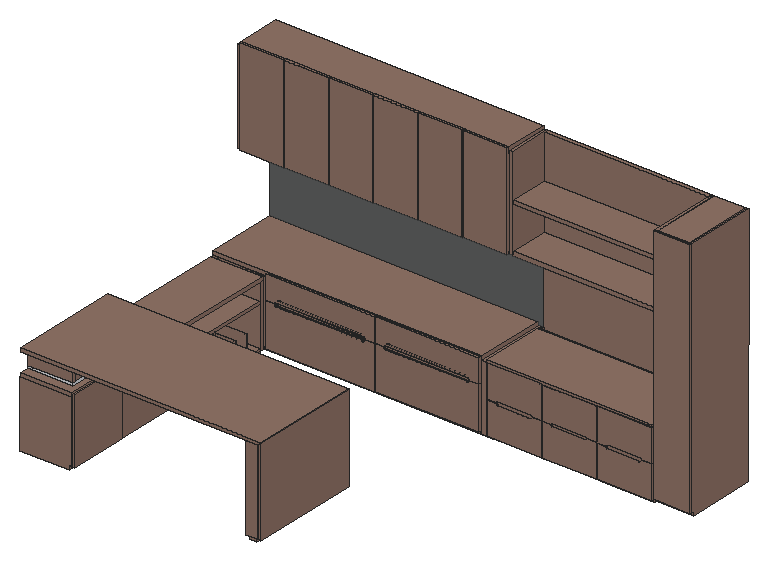
Revit family "T100020", category Furniture, Revit 2022 (continued)
Definition of nested family "OFS ELEMENT OPEN L DESK LEFT AND RIGHT 84in Width 60in Return"
  Reference planes (in)
    plane 11: x = -40.8125
    plane 12: y = 12.84375
    plane 13: y = 11.65625
    plane 14: y = 3.65625
    plane 15: z = 40.5
    plane 16: z = 28.5
    plane 17: z = 43.875
    plane 18: z = 39.375
    plane 19: z = 0
    plane 20: x = 39.375
    plane 21: x = 2.625
    plane 22: x = 35.5
    plane 23: z = 6.5
    plane 24: z = 34
    plane 25: y = 12.96875
    plane 26: y = -77.15625
    plane 27: x = -20
    plane 28: x = 20
    plane 29: y = -75.96875
    plane 30: x = -37
    plane 31: x = 37
    plane 32: y = -47.15625
    plane 33: x = 6.5
    plane 34: y = -18.34375
    plane 35: y = -75.21875
    plane 36: x = -40.0625
    plane 37: y = -19.09375
    plane 38: x = -28.0625
    plane 39: z = 34.125
    plane 40: z = 39.75
    plane 41: z = 34.875
    plane 42: y = -61.5625
    plane 43: y = -32.75
    plane 44: x = -28.8125
    plane 45: x = 20
    plane 46: x = 37
    plane 47: y = -19.09375
    plane 48: x = 28.0625
    plane 49: y = -61.5625
    plane 50: y = -32.75
    plane 51: x = 28.8125
    plane 52: x = -39.375
    plane 53: x = -2.625
    plane 54: x = -35.5
    plane 55: x = -6.5
  Forms (in)
    Extrusion 1, solid, material <- "Chassis Material", visible <- "Left Return Desk Option"
      sketch origin (0, 0, 0) x (1, 0, 0) y (0, 1, 0)
        loop
          line (42, 12.84375) -> (0, 12.84375) -> (0, 11.65625) -> (40.8125, 11.65625) -> (40.8125, -17.15625) -> (42, -17.15625) -> (42, 12.84375)
      from 0 to 40.5
    Extrusion 2, solid, material <- "Chassis Material", visible <- "Left Return Desk Option"
      sketch origin (0, 0, 6) x (1, 0, 0) y (0, 1, 0)
        loop
          line (0, 11.65625) -> (0, 3.65625) -> (40.8125, 3.65625) -> (40.8125, 11.65625) -> (0, 11.65625)
      from 33.375 to 34.5
    Extrusion 3, solid, material <- "Transaction Shelf Material", visible <- "Left Return Desk Option"
      sketch origin (0, 0, 6) x (1, 0, 0) y (0, 1, 0)
        loop
          line (0, 17.15625) -> (0, 3.65625) -> (42, 3.65625) -> (42, 17.15625) -> (0, 17.15625)
      from 37.875 to 39
    Extrusion 4, solid, material <- "Standoffs Material", visible <- "Left Return Desk Option"
      sketch origin (44.5, 0, 0) x (1, 0, 0) y (0, 1, 0)
        loop
          circle (-41.875, 10.04085) r 0.625
      from 40.5 to 43.875
    Extrusion 5, solid, material <- "Standoffs Material", visible <- "Left Return Desk Option"
      sketch origin (44.5, -4.75, 0) x (1, 0, 0) y (0, 1, 0)
        loop
          circle (-41.875, 10.04085) r 0.625
      from 40.5 to 43.875
    Extrusion 6, solid, material <- "Standoffs Material", visible <- "Left Return Desk Option"
      sketch origin (66.75, 0, 0) x (1, 0, 0) y (0, 1, 0)
        loop
          circle (-27.375, 10.04085) r 0.625
      from 40.5 to 43.875
    Extrusion 7, solid, material <- "Standoffs Material", visible <- "Left Return Desk Option"
      sketch origin (66.75, -4.75, 0) x (1, 0, 0) y (0, 1, 0)
        loop
          circle (-27.375, 10.04085) r 0.625
      from 40.5 to 43.875
    Extrusion 8, solid, material <- "Chassis Material", visible <- "Left Return Desk Option"
      sketch origin (0, 0, 0) x (1, 0, 0) y (0, 1, 0)
        loop
          line (-42, -17.15625) -> (-42, -77.15625) -> (-20, -77.15625) -> (-20, -75.96875) -> (-40.8125, -75.96875) -> (-40.8125, -18.34375) -> (-20, -18.34375) -> (-20, -17.15625) -> (-42, -17.15625)
      from 0 to 40.5
    Extrusion 9, solid, material <- "Worksurface Material", visible <- "Left Return Desk Option"
      sketch origin (14.83926, -32.43958, 0) x (1, 0, 0) y (0, 1, 0)
        loop
          line (-55.65176, 14.09583) -> (-55.65176, -43.52917) -> (-34.83926, -43.52917) -> (-34.83926, 14.09583) -> (-55.65176, 14.09583)
      from 28.5 to 29.5
    Extrusion 10, solid, material <- "Desk Overlay Material", visible <- "Left Desk Overlay"
      sketch origin (0, 0, 0) x (1, 0, 0) y (0, 0, 1)
        loop
          line (35.5, 34) -> (6.5, 34) -> (6.5, 6.5) -> (35.5, 6.5) -> (35.5, 34)
      from -12.96875 to -12.84375
    Extrusion 11, solid, material <- "Chassis Material", visible <- "Left Return Desk Option"
      sketch origin (-18.5848, -3.95032, 0) x (1, 0, 0) y (0, 1, 0)
        loop
          line (19.7723, 15.60657) -> (18.5848, 15.60657) -> (18.5848, 3.95032) -> (19.7723, 3.95032) -> (19.7723, 15.60657)
      from 0 to 28.5
    Extrusion 12, solid, material <- "Paper Organizer Material", visible <- "Left Return Desk Option"
      sketch origin (0, 0, 0) x (1, 0, 0) y (0, 1, 0)
        loop
          line (-28.0625, -19.09375) -> (-28.0625, -18.34375) -> (-40.8125, -18.34375) -> (-40.8125, -75.96875) -> (-28.0625, -75.96875) -> (-28.0625, -75.21875) -> (-40.0625, -75.21875) -> (-40.0625, -19.09375) -> (-28.0625, -19.09375)
      from 34.125 to 40.5
    Extrusion 13, solid, material <- "Paper Organizer Material", visible <- "Left Return Desk Option"
      sketch origin (0, 0, 0) x (1, 0, 0) y (0, 1, 0)
        loop
          line (-40.8125, -18.34375) -> (-40.8125, -75.96875) -> (-28.0625, -75.96875) -> (-28.0625, -18.34375) -> (-40.8125, -18.34375)
      from 39.75 to 40.5
    Extrusion 14, solid, material <- "Paper Organizer Material", visible <- "Left Return Desk Option"
      sketch origin (0, 0, 0) x (1, 0, 0) y (0, 1, 0)
        loop
          line (-40.8125, -18.34375) -> (-40.8125, -75.96875) -> (-28.0625, -75.96875) -> (-28.0625, -18.34375) -> (-40.8125, -18.34375)
      from 34.125 to 34.875
    Extrusion 15, solid, material <- "Paper Organizer Material", visible <- "Left Return Desk Option"
      sketch origin (0, 0, 0) x (1, 0, 0) y (0, 1, 0)
        loop
          line (-40.0625, -32.625) -> (-40.0625, -32.875) -> (-28.8125, -32.875) -> (-28.8125, -32.625) -> (-40.0625, -32.625)
      from 34.875 to 39.75
    Extrusion 16, solid, material <- "Paper Organizer Material", visible <- "Left Return Desk Option"
      sketch origin (0, -11.40625, 0) x (1, 0, 0) y (0, 1, 0)
        loop
          line (-40.0625, -35.625) -> (-40.0625, -35.875) -> (-28.8125, -35.875) -> (-28.8125, -35.625) -> (-40.0625, -35.625)
      from 34.875 to 39.75
    Extrusion 17, solid, material <- "Paper Organizer Material", visible <- "Left Return Desk Option"
      sketch origin (0, -22.8125, 0) x (1, 0, 0) y (0, 1, 0)
        loop
          line (-40.0625, -38.625) -> (-40.0625, -38.875) -> (-28.8125, -38.875) -> (-28.8125, -38.625) -> (-40.0625, -38.625)
      from 34.875 to 39.75
    Extrusion 18, solid, material <- "Chassis Material", visible <- "Right Return Desk Option"
      sketch origin (0, 0, 0) x (-1, 0, 0) y (0, -1, 0)
        loop
          line (-42, 17.15625) -> (-20, 17.15625) -> (-20, 18.34375) -> (-40.8125, 18.34375) -> (-40.8125, 75.96875) -> (-20, 75.96875) -> (-20, 77.15625) -> (-42, 77.15625) -> (-42, 17.15625)
      from 0 to 40.5
    Extrusion 19, solid, material <- "Worksurface Material", visible <- "Right Return Desk Option"
      sketch origin (-14.83926, -32.43958, 0) x (-1, 0, 0) y (0, -1, 0)
        loop
          line (-55.65176, -14.09583) -> (-34.83926, -14.09583) -> (-34.83926, 43.52917) -> (-55.65176, 43.52917) -> (-55.65176, -14.09583)
      from 28.5 to 29.5
    Extrusion 20, solid, material <- "Paper Organizer Material", visible <- "Right Return Desk Option"
      sketch origin (0, 0, 0) x (-1, 0, 0) y (0, -1, 0)
        loop
          line (-28.0625, 19.09375) -> (-40.0625, 19.09375) -> (-40.0625, 75.21875) -> (-28.0625, 75.21875) -> (-28.0625, 75.96875) -> (-40.8125, 75.96875) -> (-40.8125, 18.34375) -> (-28.0625, 18.34375) -> (-28.0625, 19.09375)
      from 34.125 to 40.5
    Extrusion 21, solid, material <- "Paper Organizer Material", visible <- "Right Return Desk Option"
      sketch origin (0, 0, 0) x (-1, 0, 0) y (0, -1, 0)
        loop
          line (-40.8125, 18.34375) -> (-28.0625, 18.34375) -> (-28.0625, 75.96875) -> (-40.8125, 75.96875) -> (-40.8125, 18.34375)
      from 39.75 to 40.5
    Extrusion 22, solid, material <- "Paper Organizer Material", visible <- "Right Return Desk Option"
      sketch origin (0, 0, 0) x (-1, 0, 0) y (0, -1, 0)
        loop
          line (-40.8125, 18.34375) -> (-28.0625, 18.34375) -> (-28.0625, 75.96875) -> (-40.8125, 75.96875) -> (-40.8125, 18.34375)
      from 34.125 to 34.875
    Extrusion 23, solid, material <- "Paper Organizer Material", visible <- "Right Return Desk Option"
      sketch origin (0, 0, 0) x (-1, 0, 0) y (0, -1, 0)
        loop
          line (-40.0625, 32.625) -> (-28.8125, 32.625) -> (-28.8125, 32.875) -> (-40.0625, 32.875) -> (-40.0625, 32.625)
      from 34.875 to 39.75
    Extrusion 24, solid, material <- "Paper Organizer Material", visible <- "Right Return Desk Option"
      sketch origin (0, -11.40625, 0) x (-1, 0, 0) y (0, -1, 0)
        loop
          line (-40.0625, 35.625) -> (-28.8125, 35.625) -> (-28.8125, 35.875) -> (-40.0625, 35.875) -> (-40.0625, 35.625)
      from 34.875 to 39.75
    Extrusion 25, solid, material <- "Paper Organizer Material", visible <- "Right Return Desk Option"
      sketch origin (0, -22.8125, 0) x (-1, 0, 0) y (0, -1, 0)
        loop
          line (-40.0625, 38.625) -> (-28.8125, 38.625) -> (-28.8125, 38.875) -> (-40.0625, 38.875) -> (-40.0625, 38.625)
      from 34.875 to 39.75
    Extrusion 26, solid, material <- "Worksurface Material", visible <- "Right Return Desk Option"
      sketch origin (0, 0, 0) x (-1, 0, 0) y (0, -1, 0)
        loop
          line (-36, -11.65625) -> (40.8125, -11.65625) -> (40.8125, 17.15625) -> (-42, 17.15625) -> (-42, -5.65625)
          arc (-42, -5.65625) -> (-40.24264, -9.89889) -> (-36, -11.65625) r 6
      from 28.5 to 29.5
    Extrusion 27, solid, material <- "Chassis Material", visible <- "Right Return Desk Option"
      sketch origin (0, 0, 0) x (-1, 0, 0) y (0, -1, 0)
        loop
          line (42, -12.84375) -> (42, 17.15625) -> (40.8125, 17.15625) -> (40.8125, -11.65625) -> (0, -11.65625) -> (0, -12.84375) -> (42, -12.84375)
      from 0 to 40.5
    Extrusion 28, solid, material <- "Transaction Shelf Material", visible <- "Right Return Desk Option"
      sketch origin (0, 0, 6) x (-1, 0, 0) y (0, -1, 0)
        loop
          line (0, -17.15625) -> (42, -17.15625) -> (42, -3.65625) -> (0, -3.65625) -> (0, -17.15625)
      from 37.875 to 39
    Extrusion 29, solid, material <- "Standoffs Material", visible <- "Right Return Desk Option"
      sketch origin (-44.5, 0, 0) x (-1, 0, 0) y (0, -1, 0)
        loop
          circle (-41.875, -10.04085) r 0.625
      from 40.5 to 43.875
    Extrusion 30, solid, material <- "Standoffs Material", visible <- "Right Return Desk Option"
      sketch origin (-44.5, -4.75, 0) x (-1, 0, 0) y (0, -1, 0)
        loop
          circle (-41.875, -10.04085) r 0.625
      from 40.5 to 43.875
    Extrusion 31, solid, material <- "Standoffs Material", visible <- "Right Return Desk Option"
      sketch origin (-66.75, 0, 0) x (-1, 0, 0) y (0, -1, 0)
        loop
          circle (-27.375, -10.04085) r 0.625
      from 40.5 to 43.875
    Extrusion 32, solid, material <- "Standoffs Material", visible <- "Right Return Desk Option"
      sketch origin (-66.75, -4.75, 0) x (-1, 0, 0) y (0, -1, 0)
        loop
          circle (-27.375, -10.04085) r 0.625
      from 40.5 to 43.875
    Extrusion 33, solid, material <- "Chassis Material", visible <- "Right Return Desk Option"
      sketch origin (18.5848, -3.95032, 0) x (-1, 0, 0) y (0, -1, 0)
        loop
          line (19.7723, -15.60657) -> (19.7723, -3.95032) -> (18.5848, -3.95032) -> (18.5848, -15.60657) -> (19.7723, -15.60657)
      from 0 to 28.5
    Extrusion 34, solid, material <- "Chassis Material", visible <- "Right Return Desk Option"
      sketch origin (0, 0, 6) x (-1, 0, 0) y (0, -1, 0)
        loop
          line (0, -11.65625) -> (40.8125, -11.65625) -> (40.8125, -3.65625) -> (0, -3.65625) -> (0, -11.65625)
      from 33.375 to 34.5
    Extrusion 35, solid, material <- "Desk Overlay Material", visible <- "Right Desk Ovelay"
      sketch origin (0, 0, 0) x (-1, 0, 0) y (0, 0, -1)
        loop
          line (35.5, -34) -> (35.5, -6.5) -> (6.5, -6.5) -> (6.5, -34) -> (35.5, -34)
      from -12.96875 to -12.84375
    Extrusion 36, solid, material <- "Worksurface Material", visible <- "Left Return Desk Option"
      sketch origin (0, 0, 0) x (1, 0, 0) y (0, 1, 0)
        loop
          arc (-36, 11.65625) -> (-40.24264, 9.89889) -> (-42, 5.65625) r 6
          line (-42, 5.65625) -> (-42, -17.15625) -> (40.8125, -17.15625) -> (40.8125, 11.65625) -> (-36, 11.65625)
      from 28.5 to 29.5
  Cuts and joins
    joined: Extrusion 12, Extrusion 13, Extrusion 14
    joined: Extrusion 20, Extrusion 21, Extrusion 22
  Dimensions and locks (in)
    equal spacing: plane 7 "Left External", plane 3 "Center Left/Right", plane 5 "Right External"
    "Width": plane 7 "Left External" to plane 5 "Right External"
    equal spacing: plane 6 "Front External", plane 1 "Center Front/Back", plane 4 "Back External"
    "Desk Depth": plane 4 "Back External" to plane 6 "Front External"
    plane 8 "Seat Height" to level = 29 1/2"
    "Height": plane 9 "Height" to level
    "Lateral Board Thickness": plane 7 "Left External" to plane 11
    "Lateral Board Thickness": plane 10 to plane 5 "Right External"
    "Base Depth": plane 12 to plane 6 "Front External"
    "Back Board Thickness": plane 12 to plane 13
    "Table Depth": plane 4 "Back External" to plane 14
    plane 15 to level = 40 1/2"
    "Bottom Board Offset": plane 19 to level
    "Table Supp from Lateral": plane 5 "Right External" to plane 20
    "Table Supp from Lateral": plane 21 to plane 3 "Center Left/Right"
    "Desk Overlay": plane 5 "Right External" to plane 22
    "Desk Overlay": plane 24 to plane 15
    "Desk Overlay": plane 19 to plane 23
    "Desk Overlay Thickness": plane 25 to plane 12
    "Depth": plane 4 "Back External" to plane 26
    "Return Worksurface Width": plane 7 "Left External" to plane 27
    "Return Worksurface Width": plane 28 to plane 5 "Right External"
    "Back Board Thickness": plane 29 to plane 26
    plane 7 "Left External" to plane 30 = 5"
    plane 31 to plane 5 "Right External" = 5"
    equal spacing: plane 34, plane 43, plane 32, plane 42, plane 29
    "Desk Overlay": plane 33 to plane 3 "Center Left/Right"
    "Back Board Thickness": plane 6 "Front External" to plane 34
    "Paper Organizer Board Thickness": plane 34 to plane 37
    "Paper Organizer Board Thickness": plane 11 to plane 36
    "Paper Organizer Board Thickness": plane 35 to plane 29
    "Paper Organizer Depth": plane 11 to plane 38
    "Paper Organizer Clearance": plane 39 to plane 8 "Seat Height"
    "Paper Organizer Board Thickness": plane 15 to plane 40
    "Paper Organizer Board Thickness": plane 41 to plane 39
    "Paper Organizer Board Thickness": plane 44 to plane 38
    "Return Worksurface Width": plane 5 "Right External" to plane 45
    plane 29 to plane 26 = 1 3/16"
    plane 5 "Right External" to plane 46 = 5"
    plane 34 to plane 50 to plane 32 to plane 49 to plane 29 = 14 13/32", 14 13/32", 14 13/32", 14 13/32"
    "Paper Organizer Board Thickness": plane 34 to plane 47
    plane 35 to plane 29 = 3/4"
    "Paper Organizer Depth": plane 10 to plane 48
    "Paper Organizer Board Thickness": plane 51 to plane 48
    "Table Supp from Lateral": plane 53 to plane 3 "Center Left/Right"
    "Table Supp from Lateral": plane 7 "Left External" to plane 52
    locked: plane 7 "Left External" to plane 54 at 6.5
    aligned and locked: level to plane 2
    aligned and locked: Extrusion 1 sketch curve to plane 12
    aligned and locked: plane 5 "Right External" to Extrusion 1 sketch curve
    aligned and locked: Extrusion 1 sketch curve to plane 13
    aligned and locked: Extrusion 1 to plane 19
    aligned and locked: Extrusion 2 to plane 18
    aligned and locked: plane 10 to Extrusion 2
    aligned and locked: Extrusion 2 to plane 13
    aligned and locked: Extrusion 2 to plane 14
    aligned and locked: Extrusion 3 to plane 14
    aligned and locked: Extrusion 3 to plane 4 "Back External"
    aligned and locked: Extrusion 3 to plane 9 "Height"
    aligned and locked: Extrusion 3 to plane 17
    aligned and locked: plane 5 "Right External" to Extrusion 3
    aligned and locked: Extrusion 8 sketch curve to plane 29
    aligned and locked: plane 27 to Extrusion 8 sketch curve
    aligned and locked: plane 26 to Extrusion 8 sketch curve
    aligned and locked: Extrusion 8 sketch curve to plane 6 "Front External"
    aligned and locked: plane 11 to Extrusion 9
    aligned and locked: Extrusion 9 to plane 27
    aligned and locked: Extrusion 9 to plane 29
    aligned and locked: Extrusion 8 to plane 19
    aligned and locked: plane 15 to Extrusion 8
    aligned and locked: Extrusion 3 to plane 3 "Center Left/Right"
    aligned and locked: Extrusion 2 to plane 3 "Center Left/Right"
    aligned and locked: Extrusion 10 to plane 33
    aligned and locked: Extrusion 10 to plane 22
    aligned and locked: Extrusion 8 sketch curve to plane 34
    aligned and locked: Extrusion 9 to Extrusion 8 sketch curve
    aligned and locked: Extrusion 9 to Extrusion 8
    aligned and locked: plane 37 to Extrusion 12 sketch curve
    aligned and locked: plane 36 to Extrusion 12 sketch curve
    aligned and locked: Extrusion 12 sketch curve to plane 35
    aligned and locked: Extrusion 12 sketch curve to Extrusion 8  (x3)
    aligned and locked: plane 38 to Extrusion 12 sketch curve  (x2)
    aligned and locked: plane 15 to Extrusion 12
    aligned and locked: Extrusion 12 to plane 39
    aligned and locked: Extrusion 13 sketch curve to Extrusion 8  (x2)
    aligned and locked: Extrusion 13 sketch curve to Extrusion 12  (x2)
    aligned and locked: Extrusion 13 to plane 40
    aligned and locked: plane 15 to Extrusion 13
    aligned and locked: Extrusion 14 sketch curve to Extrusion 8  (x2)
    aligned and locked: plane 29 to Extrusion 14 sketch curve
    aligned and locked: Extrusion 14 sketch curve to plane 38
    aligned and locked: Extrusion 14 to plane 39
    aligned and locked: plane 41 to Extrusion 14
    aligned and locked: Extrusion 15 to plane 41
    aligned and locked: Extrusion 16 to plane 41
    aligned and locked: Extrusion 17 to plane 41
    aligned and locked: plane 40 to Extrusion 15
    aligned and locked: plane 40 to Extrusion 16
    aligned and locked: plane 40 to Extrusion 17
    aligned and locked: plane 29 to Extrusion 18 sketch curve
    aligned and locked: plane 45 to Extrusion 18 sketch curve
    aligned and locked: Extrusion 18 sketch curve to plane 26
    aligned and locked: plane 45 to Extrusion 19
    aligned and locked: plane 29 to Extrusion 19
    aligned and locked: Extrusion 18 sketch curve to plane 34
    aligned and locked: Extrusion 19 to Extrusion 18 sketch curve
    aligned and locked: Extrusion 18 to Extrusion 19
    aligned and locked: Extrusion 20 sketch curve to plane 47
    aligned and locked: plane 35 to Extrusion 20 sketch curve
    aligned and locked: Extrusion 18 to Extrusion 20 sketch curve
    aligned and locked: Extrusion 20 sketch curve to Extrusion 18  (x2)
    aligned and locked: Extrusion 20 sketch curve to plane 48
    aligned and locked: plane 48 to Extrusion 20 sketch curve
    aligned and locked: Extrusion 21 sketch curve to Extrusion 18  (x2)
    aligned and locked: Extrusion 21 sketch curve to Extrusion 20  (x2)
    aligned and locked: Extrusion 22 sketch curve to Extrusion 18  (x2)
    aligned and locked: Extrusion 22 sketch curve to plane 29
    aligned and locked: plane 48 to Extrusion 22 sketch curve
    aligned and locked: Extrusion 26 to Extrusion 27 sketch curve
    aligned and locked: Extrusion 27 sketch curve to Extrusion 26
    aligned and locked: Extrusion 26 to Extrusion 33
    aligned and locked: plane 55 to Extrusion 35
    aligned and locked: plane 54 to Extrusion 35
  Automatic sketch dimensions
    Extrusion 1 sketch curve to plane 3 "Center Left/Right" = 0"
    plane 6 "Front External" to Extrusion 1 sketch curve = 0"
    Extrusion 1 sketch curve to plane 10 = 0"
    Extrusion 2 sketch curve to plane 3 "Center Left/Right" = 0"
    Extrusion 2 sketch curve to plane 10 = 0"
    Extrusion 2 sketch curve to plane 14 = 0"
    Extrusion 2 sketch curve to plane 13 = 0"
    Extrusion 3 sketch curve to plane 3 "Center Left/Right" = 0"
    Extrusion 3 sketch curve to plane 5 "Right External" = 0"
    Extrusion 3 sketch curve to plane 14 = 0"
    Extrusion 3 sketch curve to plane 4 "Back External" = 0"
    Extrusion 4 sketch curve to plane 21 = 0"
    Extrusion 4 sketch curve to plane 13 = 1.6154"
    Extrusion 5 sketch curve to plane 21 = 0"
    plane 14 to Extrusion 5 sketch curve = 1.6346"
    Extrusion 6 sketch curve to plane 20 = 0"
    Extrusion 6 sketch curve to plane 13 = 1.6154"
    Extrusion 7 sketch curve to plane 20 = 0"
    plane 14 to Extrusion 7 sketch curve = 1.6346"
    Extrusion 8 sketch curve to plane 7 "Left External" = 0"
    Extrusion 8 sketch curve to plane 11 = 0"
    Extrusion 9 sketch curve to plane 11 = 0"
    Extrusion 9 sketch curve to plane 27 = 0"
    Extrusion 9 sketch curve to plane 29 = 0"
    Extrusion 9 sketch curve to plane 34 = 0"
    Extrusion 10 sketch curve to plane 24 = 0"
    Extrusion 10 sketch curve to plane 33 = 0"
    plane 22 to Extrusion 10 sketch curve = 0"
    Extrusion 10 sketch curve to plane 23 = 0"
    Extrusion 11 sketch curve to plane 3 "Center Left/Right" = 0"
    plane 1 "Center Front/Back" to Extrusion 11 sketch curve = 0"
    Extrusion 11 sketch curve to plane 13 = 0"
    Extrusion 11 sketch curve to Extrusion 11 sketch curve = 1 3/16"
    Extrusion 12 sketch curve to plane 37 = 0"
    Extrusion 15 sketch curve to plane 36 = 0"
    Extrusion 15 sketch curve to plane 44 = 0"
    Extrusion 15 sketch curve to plane 43 = 1/8"
    plane 43 to Extrusion 15 sketch curve = 1/8"
    Extrusion 16 sketch curve to plane 36 = 0"
    Extrusion 16 sketch curve to plane 44 = 0"
    Extrusion 16 sketch curve to plane 32 = 1/8"
    plane 32 to Extrusion 16 sketch curve = 1/8"
    Extrusion 17 sketch curve to plane 36 = 0"
    Extrusion 17 sketch curve to plane 44 = 0"
    Extrusion 17 sketch curve to plane 42 = 1/8"
    plane 42 to Extrusion 17 sketch curve = 1/8"
    Extrusion 18 sketch curve to plane 5 "Right External" = 0"
    Extrusion 18 sketch curve to plane 10 = 0"
    Extrusion 18 sketch curve to plane 6 "Front External" = 0"
    Extrusion 19 sketch curve to plane 10 = 0"
    Extrusion 19 sketch curve to plane 28 = 0"
    Extrusion 19 sketch curve to plane 29 = 0"
    plane 34 to Extrusion 19 sketch curve = 0"
    plane 37 to Extrusion 20 sketch curve = 0"
    plane 20 to Extrusion 20 sketch curve = 11/16"
    Extrusion 23 sketch curve to plane 51 = 0"
    plane 43 to Extrusion 23 sketch curve = 1/8"
    Extrusion 23 sketch curve to plane 43 = 1/8"
    plane 20 to Extrusion 23 sketch curve = 11/16"
    Extrusion 24 sketch curve to plane 51 = 0"
    plane 32 to Extrusion 24 sketch curve = 1/8"
    Extrusion 24 sketch curve to plane 32 = 1/8"
    plane 20 to Extrusion 24 sketch curve = 11/16"
    Extrusion 25 sketch curve to plane 51 = 0"
    plane 42 to Extrusion 25 sketch curve = 1/8"
    Extrusion 25 sketch curve to plane 42 = 1/8"
    plane 20 to Extrusion 25 sketch curve = 11/16"
    Extrusion 26 sketch curve to plane 5 "Right External" = 0"
    Extrusion 26 sketch curve to plane 13 = 0"
    Extrusion 26 sketch curve to plane 11 = 0"
    Extrusion 26 sketch curve to plane 6 "Front External" = 0"
    plane 22 to Extrusion 26 sketch curve = 1/2"
    Extrusion 27 sketch curve to plane 3 "Center Left/Right" = 0"
    Extrusion 27 sketch curve to plane 7 "Left External" = 0"
    Extrusion 27 sketch curve to plane 13 = 0"
    Extrusion 27 sketch curve to plane 12 = 0"
    Extrusion 28 sketch curve to plane 3 "Center Left/Right" = 0"
    Extrusion 28 sketch curve to plane 7 "Left External" = 0"
    Extrusion 28 sketch curve to plane 4 "Back External" = 0"
    Extrusion 28 sketch curve to plane 14 = 0"
    Extrusion 29 sketch curve to plane 53 = 0"
    plane 13 to Extrusion 29 sketch curve = 1.6154"
    Extrusion 30 sketch curve to plane 53 = 0"
    Extrusion 30 sketch curve to plane 14 = 1.6346"
    Extrusion 31 sketch curve to plane 52 = 0"
    plane 13 to Extrusion 31 sketch curve = 1.6154"
    Extrusion 32 sketch curve to plane 52 = 0"
    Extrusion 32 sketch curve to plane 14 = 1.6346"
    Extrusion 33 sketch curve to plane 3 "Center Left/Right" = 0"
    plane 1 "Center Front/Back" to Extrusion 33 sketch curve = 0"
    Extrusion 33 sketch curve to plane 13 = 0"
    Extrusion 33 sketch curve to Extrusion 33 sketch curve = 1 3/16"
    Extrusion 34 sketch curve to plane 3 "Center Left/Right" = 0"
    Extrusion 34 sketch curve to plane 11 = 0"
    Extrusion 34 sketch curve to plane 13 = 0"
    Extrusion 34 sketch curve to plane 14 = 0"
    Extrusion 35 sketch curve to plane 24 = 0"
    plane 55 to Extrusion 35 sketch curve = 0"
    Extrusion 35 sketch curve to plane 23 = 0"
    plane 54 to Extrusion 35 sketch curve = 0"
    Extrusion 36 sketch curve to plane 7 "Left External" = 0"
    Extrusion 36 sketch curve to plane 13 = 0"
    Extrusion 36 sketch curve to plane 10 = 0"
    plane 6 "Front External" to Extrusion 36 sketch curve = 0"
    Extrusion 36 sketch curve to plane 54 = 1/2"
    radius of Extrusion 4 sketch curve = 5/8"
    radius of Extrusion 5 sketch curve = 5/8"
    radius of Extrusion 6 sketch curve = 5/8"
    radius of Extrusion 7 sketch curve = 5/8"
    radius of Extrusion 29 sketch curve = 5/8"
    radius of Extrusion 30 sketch curve = 5/8"
    radius of Extrusion 31 sketch curve = 5/8"
    radius of Extrusion 32 sketch curve = 5/8"
Types (3): name | Description
  (no name) | "OFS TYPICAL T100189"
  T100 | "OFS TYPICAL T100"
  T100189 | "OFS TYPICAL T100189"
